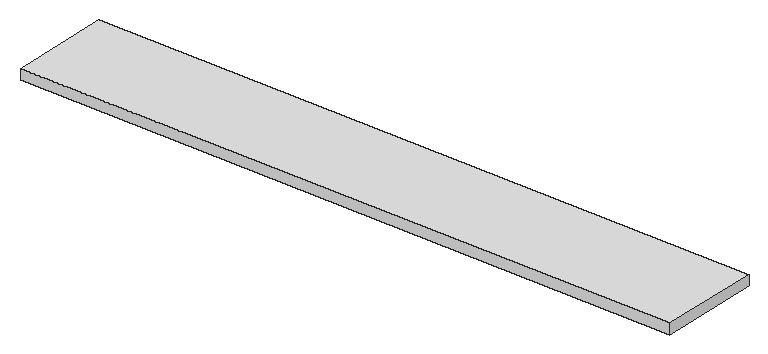
Revit family "11-TRIMBOARD-AND-STEALTH-TRIM-CADS-88-1x8-trim-4-REVIT_Versatex-Generic-Model-1in-x-8in-TRIMBOARD", category Generic Models, host Face, Revit 2026
Family settings
  Host = Face
  Can host rebar = No
  Round Connector Dimension = Use Diameter
  Part Type = Normal
  Cut with Voids When Loaded = No
  Maintain Annotation Orientation = No
  Shared = No
  Room Calculation Point = No
Parameters
  Model = "TBSM/TR010818"
  Length = 4' - 0"
  Warranty = "https://versatex.com/warranty/"
  URL = "https://versatex.com/"
  Specification = "https://www.arcat.com/company/versatex-45716/spec?coid=45716"
  Sales Information = "https://versatex.com/dealer-locator/"
  Message Manufacturer = "https://versatex.com/contact/"
  Material = Versatex PVC - Smooth
  Manufacturer Website = "https://versatex.com/"
  Manufacturer Phone = "724-857-1111"
  Manufacturer Fax = "724-857-1171"
  Manufacturer Address = "400 Steel Street, Aliquippa, PA 15001"
  Manufacturer = "Versatex"
  Literature = "https://versatex.com/literature/?_sft_literature_category=cads"
  Description = "NOMINAL 1” x 8” TRIMBOARD"
  Default Elevation = 4' - 0"
  Copyright = "© 2024 VERSATEX Building Products, LLC"
Reference planes (in)
  plane 1 "Center (Front/Back)": y = 0
  plane 2: z = 0
  plane 3 "Center (Left/Right)": x = 0
  plane 4: x = 24
  plane 5: x = -24
Forms (in)
  Sweep 1, solid, material "Versatex PVC - Smooth" <- "Material"
    path origin (0, 0, 0) x (1, 0, 0) y (0, 1, 0)
      loop
        line (-24, 0) -> (24, 0)
    profile "Versatex_Profile_1” x 8” TRIMBOARD : Versatex_Profile_1” x 8” TRIMBOARD" origin (0, 0, 0) x (0, 1, 0) y (0, 0, 1)
      loop
        line (0, 0) -> (7.25, 0) -> (7.25, 0.75) -> (0, 0.75) -> (0, 0)
Dimensions and locks (in)
  "Length": plane 5 to plane 4
  equal spacing: plane 5, plane 3 "Center (Left/Right)", plane 4, locked at 24 each
  aligned and locked: plane 2 to host face
  aligned and locked: level to host face
Automatic sketch dimensions
  host sketch curve to host sketch curve = 8' - 0"  (x2)
  plane 1 "Center (Front/Back)" to Sweep 1 sketch curve = 0' - 0"
  Sweep 1 sketch curve to plane 5 = 0' - 0"
  Sweep 1 sketch curve to plane 4 = 0' - 0"
